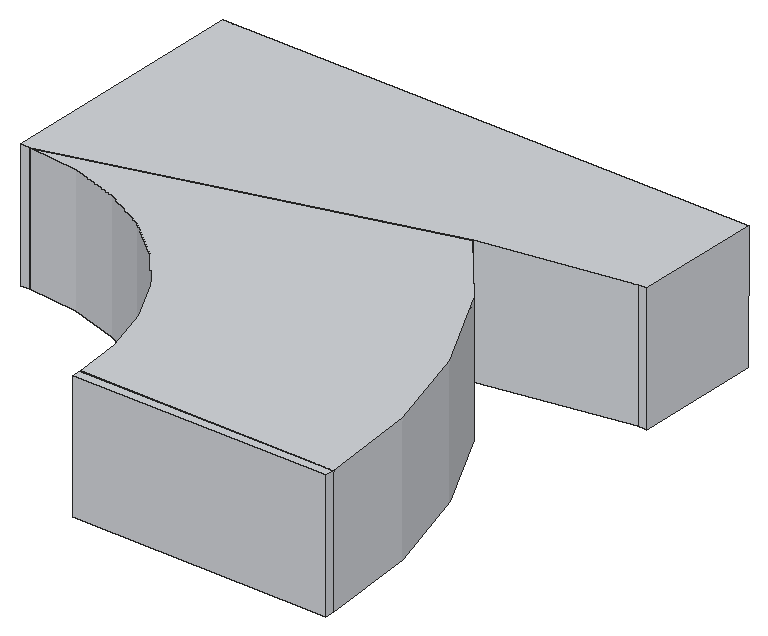
Revit family "M_Rectangular Smooth Radius Wye - DTL", category Duct Fittings, Revit 2014
Parameters (values of type "Standard")
  Straight Out Right Label [instance] = if(Straight Out Right = 0 mm, 1.587 mm, Straight Out Right)  # 38 mm
  Straight Out Left Label [instance] = if(Straight Out Left = 0 mm, 1.587 mm, Straight Out Left)  # 38 mm
  Straight In Label [instance] = if(Straight In = 0 mm, 1.587 mm, Straight In)  # 38 mm
  Void Length 4 [instance] = if(Top Change Left > 0 mm, Depth In / 2 + Top Change Left, Depth In / 2)  # 250 mm
  Void Length 3 [instance] = if(Bottom Change Left < 0 mm, Depth In / 2 + abs(Bottom Change Left), Depth In / 2)  # 250 mm
  Void Length 2 [instance] = if(Top Change Right > 0 mm, Depth In / 2 + Top Change Right, Depth In / 2)  # 250 mm
  Void Length 1 [instance] = if(Bottom Change Right < 0 mm, Depth In / 2 + abs(Bottom Change Right), Depth In / 2)  # 250 mm
  Length Label [instance] = if(Length > sqrt((Branch Radius + Width Out Right) ^ 2 - (Width In - Branch Width Label + Branch Radius) ^ 2) + 3.175 mm, Length, sqrt((Branch Radius + Width Out Right) ^ 2 - (Width In - Branch Width Label + Branch Radius) ^ 2) + 3.175 mm)  # 2000 mm
  C3 Length 2 [instance] = Branch Radius + Width In / 2 - cos(Angle) * Branch Radius 1 + sin(Angle) * Straight Out Right Label  # 1538 mm
  C3 Length 1 [instance] = sin(Angle) * Branch Radius 1 + cos(Angle) * Straight Out Right Label  # 1500 mm
  C3 Height Offset [instance] = C1 Height Offset + C3 Height Offset Label  # 3048 mm
  Branch Width Label [instance] = if(Branch Width < Width In - Width Out Right + 3.175 mm, Width In - Width Out Right + 3.175 mm, if(Branch Width > Width In, Width In, Branch Width))  # 600 mm
  Branch Length [instance] = if((Branch Radius + Width Out Right) > (Branch Radius + Width In - Branch Width Label), sqrt((Branch Radius + Width Out Right) ^ 2 - (Branch Radius + Width In - Branch Width Label) ^ 2) + Straight In Label, Straight In Label)  # 1466.286 mm
  C3 Height Offset Label [instance] = -Bottom Change Right + Depth In / 2 - Depth Out Right / 2  # 0 mm
  Height Offset 2 [instance] = C1 Height Offset - Depth In / 2 - Top Change Left * (Branch Length - Straight In Label) / Length Label  # 2798 mm
  Height Offset 1 [instance] = C1 Height Offset + Depth In / 2 - Bottom Change Left * (Branch Length - Straight In Label) / Length Label  # 3298 mm
  Top Change Right [instance] = 0 mm
  Top Change Left [instance] = 0 mm
  Straight Out Right [instance] = 38 mm
  Straight Out Left [instance] = 38 mm
  C2 Height Offset [instance] = 3048 mm - (Depth Out Left / 2 - Depth In / 2 + Bottom Change Left) / 2  # 3048 mm
  C1 Height Offset [instance] = 3048 mm + (Depth Out Left / 2 - Depth In / 2 + Bottom Change Left) / 2  # 3048 mm
  Branch Radius 1 [instance] = Branch Radius + Width Out Right / 2  # 1500 mm
  Length [instance] = 2000 mm
  Insertion Point 2 [instance] = (Branch Radius + Width Out Right / 2) * tan(Angle / 2) - (Width In - Insertion Point 1 - Width Out Right / 2) * tan(90.00° - Angle)  # 1500 mm
  Bottom Change Right [instance] = -Depth Out Right + Depth In + Top Change Right  # 0 mm
  Bottom Change Left [instance] = -Depth Out Left + Depth In + Top Change Left  # 0 mm
  Depth Out Right [instance] = 500 mm
  Depth Out Left [instance] = 500 mm
  Branch Width [instance] = 600 mm
  Branch Radius [instance] = 1000 mm
  Width Out Left [instance] = 500 mm
  built-in parameter 1114242 [instance] = (empty or 0)
  Width Out Right [instance] = 1000 mm
  Width In [instance] = 1000 mm
  Depth In [instance] = 500 mm
  Straight In [instance] = 38 mm
  Insertion Point 1 [instance] = (Width In + Width Out Left) / 4  # 375 mm
  Assembly Code = ""
  Angle [instance] = 90.00°
Reference planes
  plane 1 "Center (Front/Back)": y = 0
  plane 2: z = 0
  plane 3 "Center (Left/Right)": x = 0
  plane 4: y = 375
  plane 5 "Width Out Left": y = -125
  plane 6: y = -125
  plane 7 "Width In": y = -625
  plane 8: y = 125
  plane 9: x = -1500
  plane 10 "Center": y = -1625
  plane 11: y = -125
  plane 12: x = -1538
  plane 13: x = 500
  plane 14: x = -71.714
  plane 15: x = 538
  plane 16: z = -3048
  plane 17: z = 0
  plane 18: z = 0
  plane 19: z = 250
  plane 20: z = -250
  plane 21: z = -250
  plane 22: z = 250
  plane 23: z = 250
  plane 24: z = -250
  plane 25: z = 250
  plane 26: z = -250
  plane 27 "Branch Width": y = -225
  plane 28: y = 1375
  plane 29: x = -500
  plane 30: x = 500
  plane 31 "Length 1": z = 250
  plane 32 "Length 2": z = -250
  plane 33: y = 375
  plane 34: x = 0
  plane 35: y = -1663
  plane 36: z = 0
  plane 37: z = -250
  plane 38: z = 250
  plane 39: y = -1163
  plane 40: y = -663
Forms (mm)
  Extrusion 1, solid, detail levels medium+fine
    sketch origin (0, 0, 0) x (0, 1, 0) y (0, 0, 1)
      loop
        line (375, 250) -> (-625, 250) -> (-625, -250) -> (375, -250) -> (375, 250)
    from -1538 to -1500
  Extrusion 2, solid, detail levels medium+fine
    sketch origin (0, 0, 0) x (0, 1, 0) y (0, 0, 1)
      loop
        line (375, 250) -> (-125, 250) -> (-125, -250) -> (375, -250) -> (375, 250)
    from 500 to 538
  Extrusion 3, void
    sketch origin (-1500, 1524, 1219.2) x (0, 1, 0) y (0, 0, 1)
      loop
        line (-149, -969.2) -> (-1149, -969.2) -> (-1149, -1469.2) -> (-149, -1469.2) -> (-149, -969.2)
    from 0 to 2000
  Blend 4, solid, not visible
    base sketch origin (-1500, 1524, 1219.2) x (0, 1, 0) y (0, 0, 1)
      loop
        line (-1149, -1219.2) -> (-1649, -1219.2) -> (-1649, -1469.2) -> (-1149, -1469.2) -> (-1149, -1219.2)
    top sketch origin (-1500, 1524, 1219.2) x (0, 1, 0) y (0, 0, 1)
      loop
        line (-2687, -1219.2) -> (-3187, -1219.2) -> (-3187, -1469.2) -> (-2687, -1469.2) -> (-2687, -1219.2)
    from -38 to 1500
  Blend 5, solid, not visible
    base sketch origin (-1500, 1524, 1219.2) x (0, 1, 0) y (0, 0, 1)
      loop
        line (-1649, -1469.2) -> (-1149, -1469.2) -> (-1149, -1219.2) -> (-1649, -1219.2) -> (-1649, -1469.2)
    top sketch origin (-1500, 1524, 1219.2) x (0, 1, 0) y (0, 0, 1)
      loop
        line (-1149, -1219.2) -> (-1399, -1219.2) -> (-1399, -1469.2) -> (-1149, -1469.2) -> (-1149, -1219.2)
    from -38 to 2038
  Blend 6, solid, detail levels medium+fine
    base sketch origin (-1500, 1404.306, 0) x (0, -1, 0) y (0, 0, 1)
      loop
        line (1029.306, 250) -> (1029.306, -250) -> (2029.306, -250) -> (2029.306, 250) -> (1029.306, 250)
    top sketch origin (-71.714, 460.077, 0) x (0, -1, 0) y (0, 0, 1)
      loop
        line (85.077, 250) -> (85.077, -250) -> (685.077, -250) -> (685.077, 250) -> (85.077, 250)
    from 0 to 0
  Blend 7, solid, detail levels medium+fine
    base sketch origin (500, -222.914, 0) x (0, -1, 0) y (0, 0, 1)
      loop
        line (-597.914, 250) -> (-597.914, -250) -> (-97.914, -250) -> (-97.914, 250) -> (-597.914, 250)
    top sketch origin (-71.714, 460.077, 0) x (0, -1, 0) y (0, 0, 1)
      loop
        line (85.077, 250) -> (85.077, -250) -> (685.077, -250) -> (685.077, 250) -> (85.077, 250)
    from 0 to 0
  SweptBlend 8, solid, detail levels medium+fine
    path in 3D
      loop
        arc (-1500, -125, 0) -> (-439.34, -564.34, 0) -> (0, -1625, 0) r 1500
    profile "M_Duct - Rectangular : Duct - Rectangular 2" origin (-1500, -125, 0) x (0, 1, 0) y (0, 0, 1)
      loop
        line (-500, 250) -> (-500, -250) -> (500, -250) -> (500, 250) -> (-500, 250)
    end profile "M_Duct - Rectangular : Duct - Rectangular 1" origin (0, -1625, 0) x (1, 0, 0) y (0, 0, 1)
      loop
        line (-500, 250) -> (-500, -250) -> (500, -250) -> (500, 250) -> (-500, 250)
  Sweep 9, solid, detail levels medium+fine
    path in 3D
      loop
        line (0, -1663, 0) -> (0, -1625, 0)
    profile "M_Duct - Rectangular : Duct - Rectangular 1" origin (0, -1644, 0) x (-1, 0, 0) y (0, 0, 1)
      loop
        line (-500, 250) -> (-500, -250) -> (500, -250) -> (500, 250) -> (-500, 250)
Cuts and joins
  joined: Extrusion 1, Extrusion 2, Blend 6, Blend 7
  Extrusion 3 cuts SweptBlend 8
Lines and regions (mm)
  reference lines
    curve 1: line (-1500, -1625, 116.127) -> (-1500, -1625, -464.073)
    curve 2: line (-71.714, 460.077, 0) -> (-71.714, 34.277, 0)
    curve 3: line (-1500, 1404.306, 0) -> (-1500, 251.906, 0)
    curve 4: line (500, -222.914, 0) -> (500, -1535.495, 0)
    curve 5: arc (-1500, -125, 0) -> (-439.34, -564.34, 0) -> (0, -1625, 0) r 1500
    curve 6: line (0, -1663, 0) -> (0, -1625, 0)
  sketch lines
    curve 7: arc (-1500, -125, 0) -> (-439.34, -564.34, 0) -> (0, -1625, 0) r 1500
    curve 8: line (0, -1663, 0) -> (0, -1625, 0)
  model lines, detail levels coarse
    curve 9: line (538, 125, 0) -> (-1538, -125, 0)
    curve 10: line (0, -1663, 0) -> (-1538, -125, 0)
Dimensions and locks
  "Insertion Point 1": plane 4 to plane 1 "Center (Front/Back)"
  equal spacing: plane 4, plane 6, plane 7 "Width In"
  "Width In": plane 4 to plane 7 "Width In"
  equal spacing: plane 4, plane 8, plane 5 "Width Out Left"
  "Width Out Left": plane 4 to plane 5 "Width Out Left"
  "Branch Radius": plane 7 "Width In" to plane 10 "Center"
  "Insertion Point 2": plane 9 to plane 3 "Center (Left/Right)"
  "Straight In Label": plane 12 to plane 9
  "Length Label": plane 9 to plane 13
  "Straight Out Left Label": plane 13 to plane 15
  "Branch Length": plane 12 to plane 14
  locked: plane 16 to plane 2 at 3048
  "C1 Height Offset": plane 17 to plane 16
  "C2 Height Offset": plane 18 to plane 16
  equal spacing: plane 19, plane 17, plane 20
  "Depth In": plane 19 to plane 20
  equal spacing: plane 21, plane 18, plane 22
  "Depth Out Left": plane 21 to plane 22
  "Height Offset 1": plane 23 to plane 16
  "Height Offset 2": plane 24 to plane 16
  "Branch Radius 1": plane 11 to plane 10 "Center"
  equal spacing: plane 25, plane 17, plane 26
  "Depth Out Right": plane 25 to plane 26
  "Branch Width Label": plane 4 to plane 27 "Branch Width"
  "Width Out Right": plane 28 to plane 4
  "Branch Radius": plane 9 to plane 29
  "Width Out Right": plane 29 to plane 30
  "Void Length 1": plane 31 "Length 1" to plane 17
  "Void Length 2": plane 17 to plane 32 "Length 2"
  "Width Out Right": plane 33 to plane 7 "Width In"
  "C3 Length 1": plane 9 to plane 34
  "C3 Length 2": plane 6 to plane 35
  "C3 Height Offset": plane 36 to plane 16
  equal spacing: plane 38, plane 36, plane 37
  "Depth Out Right": plane 38 to plane 37
  equal spacing: plane 40, plane 39, plane 35
  "Width In": plane 40 to plane 35
  "Straight Out Right Label": curve 6 to curve 6
  "Branch Radius 1": radius of curve 5
  "Angle": angle curve 5 to curve 5
  "Angle": angle curve 6 to plane 35
  aligned and locked: Extrusion 1 sketch curve to plane 4
  aligned and locked: plane 7 "Width In" to Extrusion 1 sketch curve
  aligned and locked: Extrusion 1 sketch curve to plane 19
  aligned and locked: plane 20 to Extrusion 1 sketch curve
  aligned and locked: Extrusion 1 to plane 12
  aligned and locked: plane 9 to Extrusion 1
  aligned and locked: plane 22 to Extrusion 2 sketch curve
  aligned and locked: plane 21 to Extrusion 2 sketch curve
  aligned and locked: plane 5 "Width Out Left" to Extrusion 2 sketch curve
  aligned and locked: Extrusion 2 sketch curve to plane 4
  aligned and locked: plane 15 to Extrusion 2
  aligned and locked: Extrusion 2 to plane 13
  aligned and locked: plane 10 "Center" to curve 1  (x2)
  aligned and locked: curve 1 to plane 9
  aligned and locked: Extrusion 3 sketch curve to plane 31 "Length 1"
  aligned and locked: plane 32 "Length 2" to Extrusion 3 sketch curve
  aligned and locked: Extrusion 3 sketch curve to plane 28
  aligned and locked: plane 4 to Extrusion 3 sketch curve
  aligned and locked: Extrusion 3 to plane 9
  aligned and locked: Blend 4 sketch curve to plane 17
  aligned and locked: plane 20 to Blend 4 sketch curve
  aligned and locked: plane 35 to Blend 4 sketch curve
  aligned and locked: Blend 4 sketch curve to plane 4
  aligned and locked: plane 6 to Blend 4 sketch curve
  aligned and locked: Blend 4 sketch curve to plane 36
  aligned and locked: plane 37 to Blend 4 sketch curve
  aligned and locked: plane 39 to Blend 4 sketch curve
  aligned and locked: Blend 4 to plane 34
  aligned and locked: Blend 4 to plane 12
  aligned and locked: Blend 5 sketch curve to Blend 4  (x4)
  aligned and locked: Blend 5 sketch curve to plane 18
  aligned and locked: plane 21 to Blend 5 sketch curve
  aligned and locked: Blend 5 sketch curve to plane 4
  aligned and locked: plane 8 to Blend 5 sketch curve
  aligned and locked: plane 15 to Blend 5
  aligned and locked: Blend 5 to plane 12
  aligned and locked: curve 2 to plane 14
  aligned and locked: curve 3 to plane 9
  aligned and locked: curve 4 to plane 13
  aligned and locked: plane 14 to Blend 6
  aligned and locked: Blend 6 to plane 9
  aligned and locked: plane 22 to Blend 7 sketch curve
  aligned and locked: plane 21 to Blend 7 sketch curve
  aligned and locked: Blend 7 sketch curve to plane 4
  aligned and locked: plane 5 "Width Out Left" to Blend 7 sketch curve
  aligned and locked: Blend 7 to plane 14
  aligned and locked: plane 13 to Blend 7
  aligned and locked: Blend 6 sketch curve to plane 19
  aligned and locked: plane 20 to Blend 6 sketch curve  (x2)
  aligned and locked: Blend 6 sketch curve to plane 4
  aligned and locked: plane 7 "Width In" to Blend 6 sketch curve
  aligned and locked: plane 19 to Blend 6 sketch curve
  aligned and locked: plane 4 to Blend 6 sketch curve  (x2)
  aligned and locked: plane 27 "Branch Width" to Blend 6 sketch curve  (x2)
  aligned and locked: plane 23 to Blend 6 sketch curve
  aligned and locked: plane 24 to Blend 6 sketch curve
  aligned and locked: plane 4 to Blend 7 sketch curve  (x2)
  aligned and locked: plane 27 "Branch Width" to Blend 7 sketch curve  (x2)
  aligned and locked: plane 23 to Blend 7 sketch curve
  aligned and locked: plane 24 to Blend 7 sketch curve
  aligned and locked: plane 19 to Blend 7 sketch curve
  aligned and locked: plane 20 to Blend 7 sketch curve
  aligned and locked: plane 9 to Blend 6
  aligned and locked: plane 14 to Blend 7  (x3)
  aligned and locked: Blend 6 to plane 14
  aligned and locked: Blend 7 to plane 13
  aligned and locked: plane 13 to Extrusion 2
  aligned and locked: plane 30 to Extrusion 3
  aligned and locked: curve 5 to plane 9
  aligned and locked: plane 9 to curve 5
  aligned and locked: plane 35 to curve 6
  aligned and locked: curve 9 to Blend 5
  aligned and locked: plane 12 to curve 9
  aligned and locked: plane 15 to curve 9
  aligned and locked: curve 10 to Blend 4
  aligned and locked: plane 12 to curve 10
  aligned and locked: plane 34 to curve 10
Automatic sketch dimensions
  curve 1 to plane 20 = 214.073 mm
  level to curve 1 = 116.127 mm
  plane 10 "Center" to curve 4 = 89.505 mm
  plane 27 "Branch Width" to curve 4 = 2.086 mm
  curve 2 to plane 1 "Center (Front/Back)" = 34.277 mm
  curve 3 to plane 4 = 123.094 mm
  plane 4 to curve 2 = 85.077 mm
  plane 28 to curve 3 = 29.306 mm
  curve 9 to Blend 5 = 0 mm  (x2)
  curve 10 to Blend 4 = 0 mm  (x2)
Connectors
  hvac at (-1538, -125, 0), driven by "Depth In", driven by "Width In"
    settings: on cut or joined group of Extrusion 1, Extrusion 2, Blend 6, Blend 7, index 1, duct flow 0.0 L/s, flow factor 0, pres drop 0.0 Pa, loss coef 0, conn angle 0.00°, conn width 1000 mm, conn height 500 mm, conn diameter 609.6 mm, duct sys type 28, conn prof type 1, flow config 0, flow direction 0, loss method 0, conn ref index 2, conn util no, is conn primary yes, conn desc ""
  hvac at (538, 125, 0), driven by "Depth Out Left", driven by "Width Out Left"
    settings: on cut or joined group of Extrusion 1, Extrusion 2, Blend 6, Blend 7, index 2, duct flow 0.0 L/s, flow factor 0, pres drop 0.0 Pa, loss coef 0, conn angle 0.00°, conn width 500 mm, conn height 500 mm, conn diameter 609.6 mm, duct sys type 28, conn prof type 1, flow config 0, flow direction 0, loss method 0, conn ref index 1, conn util no, is conn primary no, conn desc ""
  hvac at (0, -1663, 0), driven by "Depth Out Right", driven by "Width Out Right", driven by "Angle"
    settings: on Sweep 9, index 3, duct flow 0.0 L/s, flow factor 0, pres drop 0.0 Pa, loss coef 0, conn angle 90.00°, conn width 1000 mm, conn height 500 mm, conn diameter 609.6 mm, duct sys type 28, conn prof type 1, flow config 0, flow direction 0, loss method 0, conn ref index -1, conn util no, is conn primary no, conn desc ""
